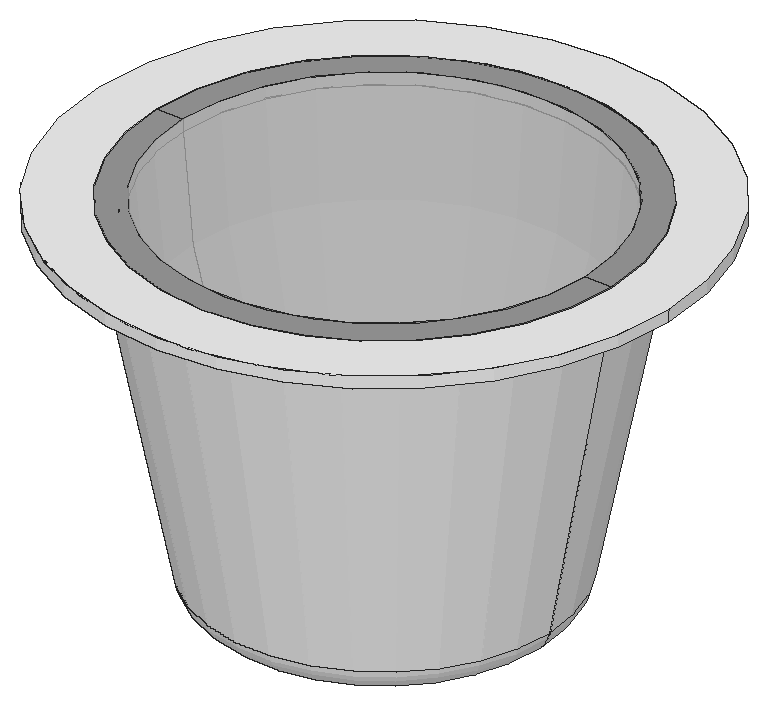
Revit family "2059082 Lighting Fixture_Sylvania_Ascent 100 Arch(120)-High Output_Ceiling Recessed", category Lighting Fixtures, host Face, Revit 2017
Family settings
  Host = Face
  Round Connector Dimension = Use Diameter
  Part Type = Normal
  OmniClass Number = 23.80.70.11.17
  OmniClass Title = Specialized Lighting by Location or Use
  Cut with Voids When Loaded = No
  Light Source = Yes
  Shared = No
  Room Calculation Point = No
Parameters (values of type "Ascent100 Arch HO 4K DALI 120")
  Reflector Radius = Radius - 15.0 mm  # 60.0 mm
  Reflector Material = Aluminium_Sylvania_Ascent_Silver
  Radius = 75.0 mm
  Life = "50 000h"  # constant formula
  IP Rating = "IP44"  # constant formula
  IK Rating = "IK02"  # constant formula
  Height = 94.0 mm
  Wattage = 8.70812 W
  built-in parameter 1150110 = 1 (stored number, unit not read)
  Voltage Comments = "UNV (Universal Voltage; 220-240 Volt)"  # constant formula
  Voltage = 240 V  # constant formula
  URL = "https://www.sylvania-lighting.com/"
  built-in parameter 1114217 = 1 (stored number, unit not read)
  Tilt Angle = -90°
  built-in parameter 1150109 = 1 (stored number, unit not read)
  built-in parameter 1150134 = 12
  built-in parameter 1150113 = 1 (stored number, unit not read)
  Product Page URL = "https://www.sylvania-lighting.com/product/en-int/products/2059082"
  Product Family = "Ascent 100 Arch (120) - High Output"  # constant formula
  Photometry Comments = ""
  Photometric Web File = "2059082_Ascent100ArchHO4KDALI120-188407.ies"
  Glow Wire Test = 850 °C
  Emit from Circle Diameter = 2 * Diffuser Radius  # 106.0 mm
  Emit Shape Visible in Rendering = no
  Drive Current = "500mA"  # constant formula
  Diffuser Radius = Reflector Radius - 7.0 mm  # 53.0 mm
  Diffuser Material = Polycarbonate_Sylvania_Ascent_Clear
  Diameter = 2 * Radius  # 150.0 mm
  Cutout Diameter = Diameter - 13.0 mm  # 137.0 mm
  built-in parameter 1114216 [instance] = 1 (stored number, unit not read)
  Model = "Ascent100 Arch HO 4K DALI 120"
  Manufacturer = "Feilo-Sylvania Group"
  built-in parameter 1150105 = 488.79 (stored number, unit not read)
  Lumens = 881 lm
  built-in parameter 1150115 = 1 (stored number, unit not read)
  built-in parameter 1150137 = (empty or 0)
  built-in parameter 1150139 = (empty or 0)
  built-in parameter 1150112 = 1 (stored number, unit not read)
  built-in parameter 1150114 = 1 (stored number, unit not read)
  Lamp = "Integrated LED"
  built-in parameter 1150132 = 2
  built-in parameter 1150102 = (empty or 0)
  built-in parameter 1150107 = 4000 (stored number, unit not read)
  built-in parameter 1150138 = (empty or 0)
  built-in parameter 1150106 = 4.8879 (stored number, unit not read)
  Body Material = Aluminum_Sylvania_Ascent_White
  built-in parameter 1150104 = 9.399 (stored number, unit not read)
  Dimming Lamp Color Temperature Shift = <None>
  Description = "Direct LED retro fit for original LED 100 Arch (120) single CFL lamp offering Matching lumen levels and improved light distribution of original LED 100 CFL lamp equivalents Typically half the power consumption compared to CFL Up to 104lm/W 120mm aperture Architectural reflector accepts range of glass accessories from existing LED 100 Arch 120 offering HE, HO and VHO versions equivalent of single 1 x 13W, 1 x 18W, 1 x 26W Additional VVHO versions which offer the performance circa 2 x 26W equivalent"  # constant formula
  Default Elevation = 0.0 mm
  Color Filter = 16777215
  Catalog Number = "2059082 Ascent100 Arch HO 4K DALI 120"
  built-in parameter 1140040 [instance] = 1
  built-in parameter 1114218 = 1 (stored number, unit not read)
  built-in parameter 1150133 = 10 (stored number, unit not read)
  Assembly Code = "D5020200"
  Apparent Load Comments = ""
  Apparent Load = 9 VA
  Aperture = 2 * Reflector Radius  # 120.0 mm
  Accessory Material = Aluminum_Sylvania_Ascent_White
Reference planes
  plane 1 "Center (Front/Back)": y = 0
  plane 2: z = 0
  plane 3 "Center (Left/Right)": x = 0
  plane 4 "Fixture Bottom": z = 3
  plane 5: z = -52.5
  plane 6 "Fixture Top": z = -91
Forms (mm)
  Extrusion 1, solid, material "Aluminum_Sylvania_Ascent_White" <- "Accessory Material", detail levels fine
    sketch origin (0, 0, 0) x (1, 0, 0) y (0, 1, 0)
      loop
        circle (0, 0) r 75
      loop
        circle (0, 0) r 60
    from 0 to 3
  Extrusion 2, void
    sketch origin (0, 0, 0) x (1, 0, 0) y (0, 1, 0)
      loop
        circle (0, 0) r 68.5
    from -91 to 3
  Revolve 3, solid, material "Aluminum_Sylvania_Ascent_White" <- "Body Material", detail levels fine
    sketch origin (0, 0, 0) x (1, 0, 0) y (0, 0, 1)
      loop
        line (0, -91.073) -> (0, -89.023) -> (-35.468, -89.014)
        arc (-35.468, -89.014) -> (-39.352, -87.613) -> (-41.54, -84.139) r 6.307
        line (-41.54, -84.139) -> (-57.991, -2.844) -> (-57.991, 0) -> (-60, 0) -> (-60, -3) -> (-43.5, -84.536)
        arc (-43.5, -84.536) -> (-40.643, -89.203) -> (-35.5, -91.073) r 8.291
        line (-35.5, -91.073) -> (0, -91.073)
      axis (0, 0) -> (0, -91.073)
    angle from 0 to 360
  Revolve 4, solid, material "Aluminium_Sylvania_Ascent_Silver" <- "Reflector Material", detail levels fine
    sketch origin (0, 0, 0) x (1, 0, 0) y (0, 0, 1)
      loop
        line (-60, 3) -> (-60, 0) -> (-55, 0)
        arc (-55, 0) -> (-52.349, -26.77) -> (-44.5, -52.5) r 136.5
        line (-44.5, -52.5) -> (-38, -52.5)
        arc (-38, -52.5) -> (-36.857, -61.521) -> (-33.5, -69.971) r 36.166
        line (-33.5, -69.971) -> (0, -69.971) -> (0, -50.5) -> (-43.16, -50.5)
        arc (-43.16, -50.5) -> (-50.517, -25.725) -> (-53, 0) r 134.5
        line (-53, 0) -> (-53, 3) -> (-60, 3)
      axis (0, 3) -> (0, -69.971)
    angle from 0 to 360
  Extrusion 5, solid, material "Polycarbonate_Sylvania_Ascent_Clear" <- "Diffuser Material", detail levels fine
    sketch origin (0, 0, 0) x (1, 0, 0) y (0, 1, 0)
      loop
        circle (0, 0) r 53
    from 0 to 3
  Revolve 6, solid, material "Aluminum_Sylvania_Ascent_White" <- "Accessory Material", detail levels coarse+medium
    sketch origin (0, 0, 0) x (1, 0, 0) y (0, 0, 1)
      loop
        line (0, -91.073) -> (0, 3) -> (-75, 3) -> (-75, 0) -> (-60, 0) -> (-60, -3) -> (-43.5, -84.536)
        arc (-43.5, -84.536) -> (-40.643, -89.203) -> (-35.5, -91.073) r 8.291
        line (-35.5, -91.073) -> (0, -91.073)
      axis (0, 3) -> (0, -91.073)
    angle from 0 to 360
Dimensions and locks
  locked: plane 4 "Fixture Bottom" to plane 2 at 3
  "Height": plane 4 "Fixture Bottom" to plane 6 "Fixture Top"
  "Reflector Radius": plane 3 "Center (Left/Right)" to Revolve 4 sketch curve
  locked: Revolve 4 sketch curve to Revolve 4 sketch curve at 15.5
  locked: Revolve 4 sketch curve to Revolve 4 sketch curve at 5
  locked: Revolve 4 sketch curve to Revolve 4 sketch curve at 7
  locked: Revolve 4 sketch curve to Revolve 4 sketch curve at 22
  locked: Revolve 4 sketch curve to Revolve 4 sketch curve at 26.5
  locked: Revolve 3 sketch curve to Revolve 3 sketch curve at 16.5
  locked: Revolve 3 sketch curve to Revolve 3 sketch curve at 24.5
  "Reflector Radius": Revolve 3 sketch curve to plane 3 "Center (Left/Right)"
  locked: Revolve 3 sketch curve to plane 6 "Fixture Top" at 6.464
  locked: plane 2 to Revolve 3 sketch curve at 3
  locked: Revolve 3 sketch curve to Revolve 3 sketch curve at 2
  locked: Revolve 3 sketch curve to Revolve 3 sketch curve at 2.009
  locked: plane 2 to plane 5 at 52.5
  locked: Revolve 6 sketch curve to Revolve 6 sketch curve at 31.5
  locked: Revolve 6 sketch curve to Revolve 6 sketch curve at 39.5
  locked: Revolve 6 sketch curve to Revolve 6 sketch curve at 15
  "Radius": plane 3 "Center (Left/Right)" to Revolve 6 sketch curve
  "Cutout Diameter": diameter of Extrusion 2 sketch curve
  "Reflector Radius": radius of Extrusion 1 sketch curve
  "Diffuser Radius": radius of Extrusion 5 sketch curve
  "Radius": radius of Extrusion 1 sketch curve
  aligned and locked: host face to plane 2
  aligned and locked: host face to level
  aligned and locked: plane 1 "Center (Front/Back)" to imposter light
  aligned and locked: plane 3 "Center (Left/Right)" to imposter light
  aligned and locked: plane 4 "Fixture Bottom" to Extrusion 1
  aligned and locked: Extrusion 1 to plane 2
  aligned and locked: Revolve 3 sketch curve to plane 3 "Center (Left/Right)"
  aligned and locked: Revolve 4 sketch curve to plane 3 "Center (Left/Right)"  (x2)
  aligned and locked: plane 4 "Fixture Bottom" to Revolve 4 sketch curve
  aligned and locked: Revolve 3 sketch curve to imposter light
  aligned and locked: Extrusion 5 to plane 2
  aligned and locked: imposter light to Extrusion 5
  aligned and locked: plane 2 to Revolve 3 sketch curve  (x2)
  aligned and locked: Revolve 6 sketch curve to imposter light
  aligned and locked: Revolve 6 sketch curve to plane 3 "Center (Left/Right)"
  aligned and locked: plane 6 "Fixture Top" to Extrusion 2
  aligned and locked: imposter light to Extrusion 2
  aligned and locked: imposter light to plane 4 "Fixture Bottom"
Automatic sketch dimensions
  plane 1 "Center (Front/Back)" to Extrusion 2 sketch curve = 0.0 mm
  Extrusion 2 sketch curve to plane 3 "Center (Left/Right)" = 0.0 mm
  Extrusion 1 sketch curve to Extrusion 1 sketch curve = 0.0 mm  (x2)
  plane 1 "Center (Front/Back)" to Extrusion 1 sketch curve = 0.0 mm
  Extrusion 1 sketch curve to plane 3 "Center (Left/Right)" = 0.0 mm
  plane 6 "Fixture Top" to Revolve 3 sketch curve = 0.073 mm
  Revolve 3 sketch curve to plane 6 "Fixture Top" = 6.861 mm
  Revolve 3 sketch curve to Revolve 3 sketch curve = 0.003 mm
  Revolve 3 sketch curve to Revolve 3 sketch curve = 0.009 mm  (x2)
  Revolve 3 sketch curve to Revolve 3 sketch curve = 0.023 mm
  Revolve 3 sketch curve to Revolve 3 sketch curve = 0.072 mm
  Revolve 3 sketch curve to Revolve 3 sketch curve = 0.008 mm
  Revolve 3 sketch curve to plane 6 "Fixture Top" = 1.977 mm
  Revolve 3 sketch curve to Revolve 3 sketch curve = 33.496 mm
  Revolve 3 sketch curve to Revolve 3 sketch curve = 0.028 mm
  plane 4 "Fixture Bottom" to Revolve 3 sketch curve = 82.431 mm
  Revolve 4 sketch curve to Revolve 4 sketch curve = 0.0 mm  (x2)
  Revolve 4 sketch curve to plane 5 = 0.0 mm
  Revolve 4 sketch curve to level = 0.0 mm
  plane 5 to Revolve 4 sketch curve = 2.0 mm
  plane 4 "Fixture Bottom" to Revolve 4 sketch curve = 9.642 mm
  plane 1 "Center (Front/Back)" to Extrusion 5 sketch curve = 0.0 mm
  Extrusion 5 sketch curve to plane 3 "Center (Left/Right)" = 0.0 mm
  Revolve 4 sketch curve to level = 69.971 mm
  Revolve 4 sketch curve to Revolve 4 sketch curve = 2.387 mm
  Revolve 6 sketch curve to level = 0.0 mm
  Revolve 6 sketch curve to plane 3 "Center (Left/Right)" = 0.0 mm
  Revolve 6 sketch curve to Revolve 6 sketch curve = 8.104 mm
  Revolve 6 sketch curve to level = 3.0 mm
  Revolve 6 sketch curve to plane 6 "Fixture Top" = 6.464 mm
  plane 6 "Fixture Top" to Revolve 6 sketch curve = 0.073 mm
  Revolve 6 sketch curve to Revolve 6 sketch curve = 33.496 mm
  plane 4 "Fixture Bottom" to Revolve 6 sketch curve = 82.431 mm
  host sketch curve to host sketch curve = 1368.192 mm
  host sketch curve to host sketch curve = 1600.367 mm
Connectors
  electrical at (0, 0, -91.073), driven by "Voltage", driven by "Apparent Load"
    settings: on Revolve 3, index 1, voltage 240 V, apparent load 0 VA, apparent load phase1 9 VA, apparent load phase2 0 VA, apparent load phase3 0 VA, power factor 1, load classification "Lighting", number of poles 1, system type 31, power factor state 1, is connector primary yes, connector utility no, sub classification motor no, connector description ""
